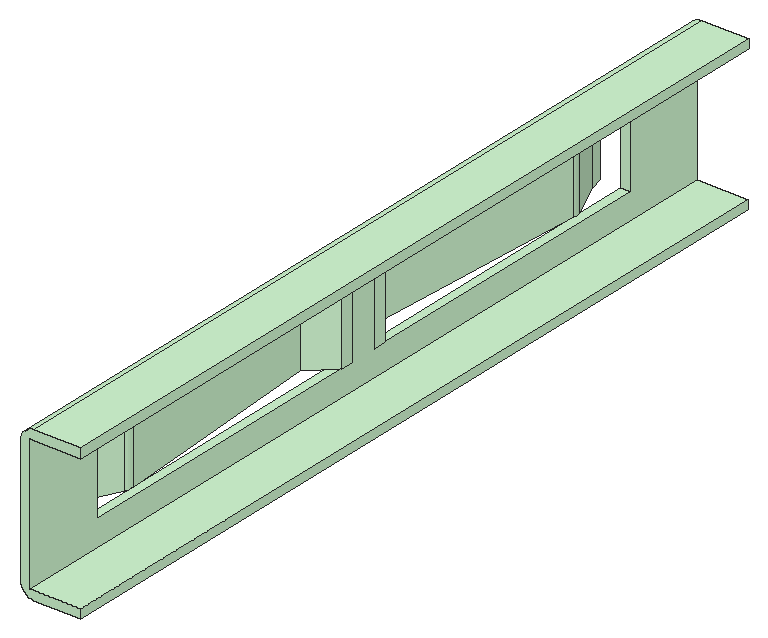
Revit family "C-19用ジョイント", category 機械設備, Revit 2020
Family settings
  丸型コネクタ寸法 = 直径を使用
  種別 = なし
  パーツ タイプ = 標準
  作業面ベース = いいえ
  常に垂直 = はい
  ロード時にボイドで切り取り = いいえ
  共有 = いいえ
  部屋計算ポイント = いいえ
Parameters
  製造元 = "株式会社桐井製作所"
  既定の高さ = 0 mm
  URL = "https://www.kirii.co.jp/"
  K_品名 = "特殊チャンネルジョイントC-19用"
  K_名称 = "特殊ジョイント"
  K_入数 = "500"
  K_バージョン情報 = "20211012"
Reference planes
  plane 1 "中心(正面/背面)": y = 0
  plane 2: z = 0
  plane 3 "中心(左/右)": x = 0
Forms (mm)
  Extrusion 1, solid
    sketch origin (2.7, 0, 0) x (1, 0, 0) y (0, 0, 1)
      loop
        line (-8.2, -7.25) -> (-8.2, 7.25) -> (-2.7, 7.25) -> (-2.7, 8.25) -> (-7.7, 8.25)
        arc (-7.7, 8.25) -> (-8.761, 7.811) -> (-9.2, 6.75) r 1.5
        line (-9.2, 6.75) -> (-9.2, -6.75)
        arc (-9.2, -6.75) -> (-8.761, -7.811) -> (-7.7, -8.25) r 1.5
        line (-7.7, -8.25) -> (-2.715, -8.25) -> (-2.715, -7.25) -> (-8.2, -7.25)
    from -45 to 45
  Extrusion 2, solid
    sketch origin (-4.171, -10.927, 0) x (1, 0, 0) y (0, 1, 0)
      loop
        line (-1.329, 8.009) -> (-1.329, 9.415) -> (-4.536, 6.246)
        arc (-4.536, 6.246) -> (-4.767, 5.892) -> (-4.831, 5.474) r 1
        line (-4.831, 5.474) -> (-3.329, -19.073) -> (-5.129, -23.073) -> (-5.624, -24.797) -> (-4.662, -25.073) -> (-4.187, -23.418) -> (-2.518, -19.708)
        arc (-2.518, -19.708) -> (-2.375, -19.247) -> (-2.346, -18.766) r 2
        line (-2.346, -18.766) -> (-3.833, 5.535) -> (-1.329, 8.009)
      loop
        line (-3.826, 16.449) -> (-2.347, 40.617)
        arc (-2.347, 40.617) -> (-2.375, 41.099) -> (-2.519, 41.56) r 2
        line (-2.519, 41.56) -> (-4.188, 45.269) -> (-4.663, 46.924) -> (-5.624, 46.649) -> (-5.13, 44.924) -> (-3.33, 40.924) -> (-4.832, 16.378)
        arc (-4.832, 16.378) -> (-4.768, 15.959) -> (-4.537, 15.605) r 1
        line (-4.537, 15.605) -> (-1.329, 12.435) -> (-1.329, 13.841) -> (-3.834, 16.317)
    from -4.5 to 4.4
  Extrusion 3, void
    sketch origin (2.7, 0, 0) x (0, 1, 0) y (0, 0, 1)
      loop
        line (-2.5, 4.4) -> (-36, 4.4) -> (-36, -4.5) -> (-2.5, -4.5) -> (-2.5, 4.4)
    from -9.2 to -8.2
  Extrusion 4, solid
    sketch origin (-1.121, -0.379, 0) x (-0.061086, 0.998133, 0) y (0, 0, 1)
      loop
        arc (-24.184, 1.946) -> (-26.184, -0.054) -> (-24.184, -2.054) r 2
        line (-24.184, -2.054) -> (-6.626, -2.054)
        arc (-6.626, -2.054) -> (-4.626, -0.054) -> (-6.626, 1.946) r 2
        line (-6.626, 1.946) -> (-24.184, 1.946)
      loop
        arc (-24.098, 0.968) -> (-25.098, -0.032) -> (-24.098, -1.032) r 1
        line (-24.098, -1.032) -> (-6.606, -1.032)
        arc (-6.606, -1.032) -> (-5.606, -0.032) -> (-6.606, 0.968) r 1
        line (-6.606, 0.968) -> (-24.098, 0.968)
    from -7.597 to -8.676
  Extrusion 5, solid
    sketch origin (1.821, 31.029, 0) x (0.061011, 0.998137, 0) y (0, 0, 1)
      loop
        arc (-24.184, 1.946) -> (-26.184, -0.054) -> (-24.184, -2.054) r 2
        line (-24.184, -2.054) -> (-6.626, -2.054)
        arc (-6.626, -2.054) -> (-4.626, -0.054) -> (-6.626, 1.946) r 2
        line (-6.626, 1.946) -> (-24.184, 1.946)
      loop
        arc (-24.098, 0.968) -> (-25.098, -0.032) -> (-24.098, -1.032) r 1
        line (-24.098, -1.032) -> (-6.606, -1.032)
        arc (-6.606, -1.032) -> (-5.606, -0.032) -> (-6.606, 0.968) r 1
        line (-6.606, 0.968) -> (-24.098, 0.968)
    from -8.756 to -9.742
  Extrusion 6, void
    sketch origin (2.7, 38.5, 0) x (0, 1, 0) y (0, 0, 1)
      loop
        line (-2.5, 4.4) -> (-36, 4.4) -> (-36, -4.5) -> (-2.5, -4.5) -> (-2.5, 4.4)
    from -9.2 to -8.2
Cuts and joins
  Extrusion 3, Extrusion 6 cuts Extrusion 1
  joined: Extrusion 2, Extrusion 4, Extrusion 5
Dimensions and locks
  aligned and locked: level to plane 2
